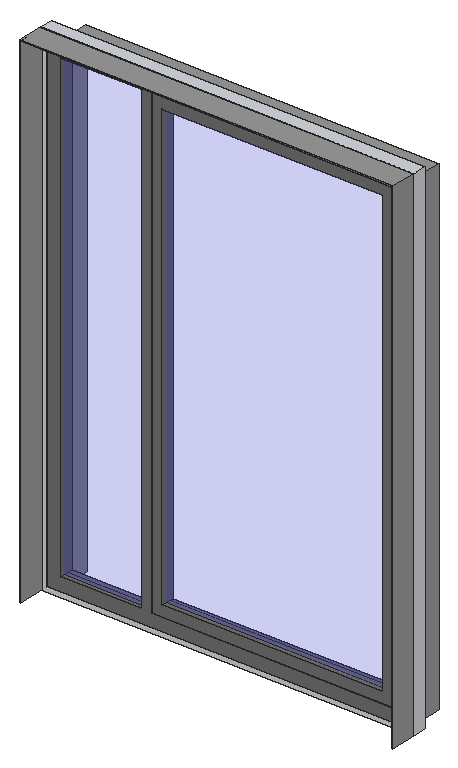
Revit family "AVLN_Балконный блок_2 створки", category Окна, Revit 2021 (continued)
Definition of nested family "AVLN_Откосы_R19"
  Definition of nested family "Откос_R19"
    Dimensions and locks
      equal spacing: plane 6, plane 1 "По центру (Вперед/Назад)", plane 7
      equal spacing: plane 4, plane 3 "По центру (Влево/Вправо)", plane 5
      "ADSK_Размер_Толщина": plane 4 to plane 8
      "ADSK_Размер_Глубина": plane 6 to plane 7
      "ADSK_Размер_Высота": plane 9 to level
      "ADSK_Размер_Ширина": plane 5 to plane 4
      "Отступ_Л": plane 10 to level
      "Отступ_П": plane 11 to level
      aligned and locked: level to plane 2
      aligned and locked: Sweep 1 sketch curve to plane 4
      aligned and locked: Sweep 1 sketch curve to plane 9
      aligned and locked: Sweep 1 sketch curve to plane 5
      aligned and locked: plane 6 to Sweep 1 sketch curve
      aligned and locked: profile plane to Sweep 1 sketch curve
      aligned and locked: Sweep 1 sketch curve to plane 7
      aligned and locked: plane 8 to Sweep 1 sketch curve
      aligned and locked: plane 10 to Sweep 1 sketch curve
      aligned and locked: plane 11 to Sweep 1 sketch curve
Definition of nested family "АС-Обозначение на плане двупольная"
  Parameters (values of type "АС-Стандарт")
    Открывание двери 90 = not(Открывание двери 30)  # no
    Открывание двери 30 = yes
    Монтажный зазор.Ширина сбоку [instance] = 20 mm
    Линия открывания (дуга) = not(Открывание двери 30)  # no
    Коробка.Ширина [instance] = 40 mm
    Коробка.Толщина [instance] = 80 mm
    Width [instance] = Rough Width + Коробка.Ширина + Монтажный зазор.Ширина сбоку  # 960 mm
    Thickness [instance] = 40 mm
    Rough Width [instance] = 900 mm
    Height [instance] = 2100 mm
    Default Elevation = 0 mm
    Analytic Construction = "<Нет>"
  Reference planes
    plane 1 "Center (Front/Back)": y = 0
    plane 2: z = 0
    plane 3 "Center (Left/Right)": x = 0
    plane 4 "Полотно справа": x = -20
    plane 5 "Полотно. Внутренняя сторона": y = -40
    plane 6 "Коробка. Внутренняя сторона": y = -80
    plane 7 "Коробка.Внутренняя сторона слева": x = -960
    plane 8 "Коробка. Внутренняя сторона справа": x = -60
  Lines and regions (mm)
    Masking region 1, detail levels fine
      outline origin (0, 0, 0) x (1, 0, 0) y (0, 1, 0)
        loop
          line (0, -80) -> (0, 0) -> (-20, 0) -> (-20, -80) -> (0, -80)
    Masking region 2, detail levels fine
      outline origin (0, 0, 0) x (1, 0, 0) y (0, 1, 0)
        loop
          line (-20, 0) -> (-60, 0) -> (-60, -40) -> (-70, -40) -> (-70, -80) -> (-20, -80) -> (-20, 0)
    Masking region 3, visible <- "Открывание двери 90", detail levels fine
      outline origin (0, 0, 0) x (1, 0, 0) y (0, 1, 0)
        loop
          line (-60, 0) -> (-60, 900) -> (-100, 900) -> (-100, 0) -> (-60, 0)
    Masking region 4, visible <- "Открывание двери 30", detail levels fine
      outline origin (0, 0, 0) x (1, 0, 0) y (0, 1, 0)
        loop
          line (-60, 0) -> (-839.423, 450) -> (-859.423, 415.359) -> (-80, -34.641) -> (-60, 0)
    symbolic lines, visible <- "Открывание двери 30", detail levels coarse+medium
      curve 1: line (0, 0, 0) -> (-831.384, 480, 0)
    symbolic lines, visible <- "Открывание двери 90", detail levels coarse+medium
      curve 2: line (0, 0, 0) -> (0, 960, 0)
    symbolic lines, visible <- "Линия открывания (дуга)", detail levels coarse+medium
      curve 3: arc (0, 960, 0) -> (-678.823, 678.823, 0) -> (-960, 0, 0) r 960
    symbolic lines, visible <- "Линия открывания (дуга)", detail levels fine
      curve 4: arc (-960, 0, 0) -> (-696.396, 636.396, 0) -> (-60, 900, 0) r 900
    model lines
      curve 5: line (0, 0, 0) -> (0, 0, 2100)
  Dimensions and locks
    "Thickness": plane 1 "Center (Front/Back)" to plane 5 "Полотно. Внутренняя сторона"
    plane 1 "Center (Front/Back)" to plane 6 "Коробка. Внутренняя сторона" = 80 mm
    "Коробка.Толщина": plane 6 "Коробка. Внутренняя сторона" to plane 1 "Center (Front/Back)"
    "Rough Width": plane 7 "Коробка.Внутренняя сторона слева" to plane 8 "Коробка. Внутренняя сторона справа"
    "Width": curve 1 to curve 1
    "Width": plane 1 "Center (Front/Back)" to curve 2
    locked: Masking region 2 sketch curve to Masking region 2 sketch curve at 10
    "Rough Width": plane 1 "Center (Front/Back)" to Masking region 3 sketch curve
    "Thickness": Masking region 3 sketch curve to plane 8 "Коробка. Внутренняя сторона справа"
    "Rough Width": Masking region 4 sketch curve to Masking region 4 sketch curve
    "Thickness": Masking region 4 sketch curve to Masking region 4 sketch curve
    "Height": curve 5 to level
    "Монтажный зазор.Ширина сбоку": plane 4 "Полотно справа" to plane 3 "Center (Left/Right)"
    "Коробка.Ширина": plane 8 "Коробка. Внутренняя сторона справа" to plane 4 "Полотно справа"
    "Width": radius of curve 3
    "Rough Width": radius of curve 4
    locked: curve 1 to plane 1 "Center (Front/Back)" (angle 30.00°)
    locked: Masking region 4 sketch curve to plane 1 "Center (Front/Back)" (angle 30.00°)
    aligned and locked: level to plane 2
    aligned and locked: plane 1 "Center (Front/Back)" to curve 2
    aligned and locked: plane 6 "Коробка. Внутренняя сторона" to Masking region 1 sketch curve
    aligned and locked: plane 1 "Center (Front/Back)" to Masking region 1 sketch curve
    aligned and locked: plane 4 "Полотно справа" to Masking region 1 sketch curve
    aligned and locked: Masking region 2 sketch curve to plane 4 "Полотно справа"
    aligned and locked: Masking region 2 sketch curve to plane 8 "Коробка. Внутренняя сторона справа"
    aligned and locked: Masking region 2 sketch curve to plane 6 "Коробка. Внутренняя сторона"
    aligned and locked: Masking region 2 sketch curve to plane 5 "Полотно. Внутренняя сторона"
    aligned and locked: Masking region 2 sketch curve to plane 1 "Center (Front/Back)"
    aligned and locked: plane 8 "Коробка. Внутренняя сторона справа" to curve 4
    aligned and locked: Masking region 2 to Masking region 3 sketch curve
    aligned and locked: Masking region 3 sketch curve to Masking region 2
    aligned and locked: plane 8 "Коробка. Внутренняя сторона справа" to Masking region 4 sketch curve
    aligned and locked: plane 2 to curve 5
    aligned and locked: plane 3 "Center (Left/Right)" to curve 5
    aligned and locked: Masking region 1 sketch curve to plane 3 "Center (Left/Right)"
    aligned and locked: plane 3 "Center (Left/Right)" to curve 2
  Automatic sketch dimensions
    plane 1 "Center (Front/Back)" to Masking region 4 sketch curve = 0 mm
Definition of nested family "AVLN_Обозначение проема"
  Parameters (values of type "AVLN_Обозначение проема")
    Длина [instance] = 200 mm
    ADSK_Размер_Ширина [instance] = 1200 mm
    ADSK_Размер_Высота [instance] = 1800 mm
  Reference planes
    plane 1 "По центру (Вперед/Назад)": y = 0
    plane 2: z = 0
    plane 3 "По центру (Влево/Вправо)": x = 0
    plane 4: y = 900
    plane 5: y = -900
    plane 6: x = 600
    plane 7: x = -600
    plane 8: x = -400
    plane 9: y = 700
  Lines and regions (mm)
    Masking region 1, in view "Опорный уровень"
      outline origin (0, 0, 0) x (1, 0, 0) y (0, 1, 0)
        loop
          line (600, 900) -> (-400, 700) -> (-600, -900) -> (600, -900) -> (600, 900)
    Filled region 1, type "Сплошная заливка - Черный", in view "Опорный уровень"
      outline origin (0, 0, 0) x (1, 0, 0) y (0, 1, 0)
        loop
          line (600, 900) -> (-600, 900) -> (-600, -900) -> (-400, 700) -> (600, 900)
  Dimensions and locks
    equal spacing: plane 4, plane 1 "По центру (Вперед/Назад)", plane 5
    equal spacing: plane 7, plane 3 "По центру (Влево/Вправо)", plane 6
    "ADSK_Размер_Высота": plane 4 to plane 5
    "ADSK_Размер_Ширина": plane 7 to plane 6
    "Длина": plane 7 to plane 8
    "Длина": plane 4 to plane 9
    aligned and locked: plane 6 to Masking region 1 sketch curve
    aligned and locked: Masking region 1 sketch curve to plane 5
    aligned and locked: plane 4 to Filled region 1 sketch curve
    aligned and locked: Filled region 1 sketch curve to plane 7
    aligned and locked: plane 5 to Filled region 1 sketch curve
    aligned and locked: Masking region 1 sketch curve to Filled region 1  (x2)
    aligned and locked: plane 8 to Filled region 1 sketch curve
    aligned and locked: plane 9 to Filled region 1 sketch curve
  Automatic sketch dimensions
    Filled region 1 sketch curve to plane 6 = 0 mm
Types (6, lengths in mm): name | Ширина среднействорки | Четверть слева/справа | Створка_Высота | Створка справа_Ширина | Створка слева_Ширина | Rough Width | Rough Height | Подоконник_Длина | Отступ.доп.части_Н | Отступ.доп.части_В | Отлив_Длина | Откос_Н.Ширина | Откос_Н.Количество слоев | Откос_Н.Высота | Откос_В.Количество слоев | М.Стекла | М.Рамы | М.Монтажного зазора | Дверь_Правая_ПравоеОткр | Дверь_Левая_ЛевоеОткр | Дверь.Открывание.Право | Дверь.Открывание.Лево | Дверь справа | Дверь слева | Дверь заполнение_Справа | Дверь заполнение_Слева | Height | Width | АВЛН_Площаль откосов наружных | АВЛН_Площаль откосов внутренних | ADSK_Размер_Ширина | ADSK_Размер_Высота | ADSK_Марка
  Для Копирования! | 400 | 50 | 2310 | 400 | 1200 | 1790 | 2450 | 1970 | 1850 | 1880 | 1920 | 1750 | 1 | 2450 | 1 | Стекло | AVLN_Материал импоста_RAL 7024 | none | yes | no | yes | no | yes | no | АВЛН_Дверь балконная : Остекленная | АВЛН_Дверь балконная : Остекленная | 2500 | 1850 | 1.0275 m² | 1.233 m² | 1850 | 2500 | "ДБ-1"
  1910х2530_Л | 500 | 40 | 2340 | 830 | 830 | 1850 | 2480 | 1670 | 1550 | 1580 | 1620 | 1830 | 0 | 2480 | 0 | Стекло прозрачное | ADSK_Алюминиевый профиль_RAL 1002 | ADSK_Алюминиевый профиль_RAL 1002 | yes | no | yes | no | yes | no | АВЛН_Створка открывная : Створка глухая | АВЛН_Дверь балконная : Глухое заполнение снизу | 2530 | 1910 | 1.0455 m² | 1.2546 m² | 1910 | 2530 | "ДБ-3"
  1650х2530_Л | 500 | 40 | 2340 | 675 | 725 | 1590 | 2480 | 1670 | 1550 | 1580 | 1620 | 1570 | 0 | 2480 | 0 | Стекло прозрачное | ADSK_Алюминиевый профиль_RAL 1002 | ADSK_Алюминиевый профиль_RAL 1002 | no | yes | no | yes | no | yes | АВЛН_Створка открывная : Створка глухая | АВЛН_Дверь балконная : Остекленная с импостом | 2530 | 1650 | 1.0065 m² | 1.2078 m² | 1650 | 2530 | "ДБ-2"
  1650х2530_Л_дверь слева | 500 | 40 | 2340 | 675 | 725 | 1590 | 2480 | 1670 | 1550 | 1580 | 1620 | 1570 | 0 | 2480 | 0 | Стекло | AVLN_Материал импоста_RAL 7024 | none | no | yes | no | yes | no | yes | АВЛН_Створка открывная : Створка глухая | АВЛН_Дверь балконная : Глухое заполнение снизу | 2530 | 1650 | 1.0065 m² | 1.2078 m² | 1650 | 2530 | "ДБ-2"
  1650х2530_П | 500 | 50 | 2340 | 675 | 725 | 1590 | 2480 | 1670 | 1550 | 1580 | 1620 | 1550 | 1 | 2480 | 1 | Стекло прозрачное | ADSK_Алюминиевый профиль_RAL 1002 | ADSK_Алюминиевый профиль_RAL 1002 | no | yes | no | yes | no | yes | АВЛН_Створка открывная : Створка глухая | АВЛН_Дверь балконная : Глухое заполнение снизу | 2530 | 1650 | 1.0065 m² | 1.2078 m² | 1650 | 2530 | "ДБ-1"
  1910х2530_П | 500 | 50 | 2340 | 830 | 830 | 1850 | 2480 | 1670 | 1550 | 1580 | 1620 | 1810 | 1 | 2480 | 1 | Стекло прозрачное | ADSK_Алюминиевый профиль_RAL 1002 | ADSK_Алюминиевый профиль_RAL 1002 | no | yes | no | yes | no | yes | АВЛН_Створка открывная : Створка глухая | АВЛН_Дверь балконная : Глухое заполнение снизу | 2530 | 1910 | 1.0455 m² | 1.2546 m² | 1910 | 2530 | "ДБ-1"
